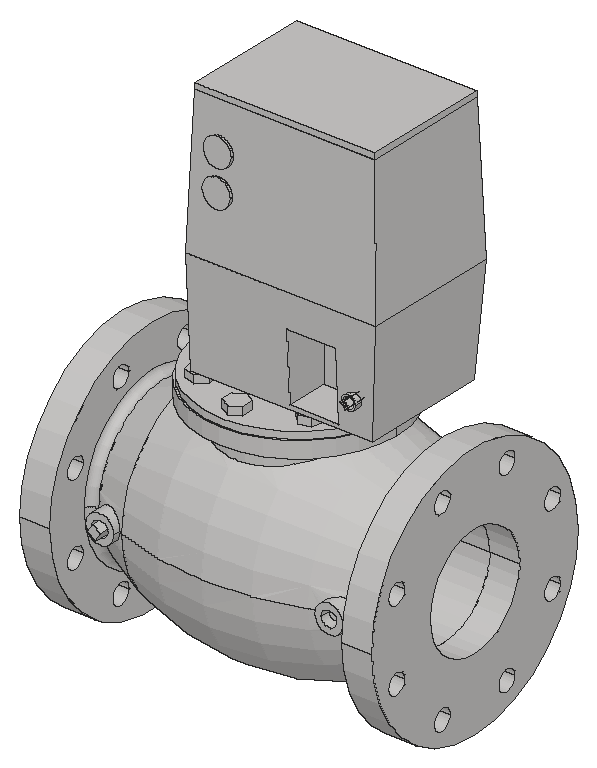
Revit family "GSV4-4in-Flanged-Gas-Solenoid-Valve", category Pipe Accessories, Revit 2024
Family settings
  Round Connector Dimension = Use Diameter
  Part Type = Valve - Breaks Into
  Work Plane-Based = No
  Always vertical = Yes
  Cut with Voids When Loaded = No
  Shared = No
Parameters
  Wattage = "50.0"
  Volt = "120VAC / 60Hz"
  VA = "115"
  URL = "https://americangassafety.com/wp-content/uploads/2022/11/AGSGSV4-Gas-Solenoid-Valve-Datasheet.pdf"
  Tel = "(727) 608-4375"
  Pipe Dia = 4"
  Nominal Opening Time = "16 Seconds at 50Hz"
  Model = "AGSGSV4"
  Max. Rated Pressure = "15PSI"
  Max Operating Pressure Differential = "3 PSI"
  Manufacturer = "American Gas Safety LLC"
  Locked Rotor = "58.8A FOR 120V & 29.4A FOR 240V"
  Inrush = "3.9"
  Head Office address = "6304 Benjamin Road, Suite 502, Tampa, FL 33634"
  Full Load = "9.8A FOR 120V & 4.9A FOR 240V"
  Email = "info@americangassafety.com"
  Description = "AGS gas solenoid valves control the flow of natural and LP (liquefied petroleum) gases and are most commonly used in with our range of\r\nutility controllers and gas detection systems. Designed for ON/OFF service."
  Default Elevation = 0"
  Cu m/hr = "288.8"
  Closing Time = "One Second Maximum"
  Cf/h = "10200"
  Amperage = "0.94"
  Ambient temperature rating = "-40°F to +150°F (-40°C to +66°C)"
Reference planes (in)
  plane 1 "Center (Front/Back)": y = 0
  plane 2: z = 0
  plane 3 "Center (Left/Right)": x = 0
  plane 4: y = -4.57813
  plane 5: y = 4.57812
  plane 6: x = -6.25
  plane 7: x = 6.25
  plane 8: through (0, 0, 0) normal (0, -0.766, 0.6428)
  plane 9: z = 4.57812
  plane 10: z = -4.57813
  plane 11: z = 14.15625
  plane 12: z = 5.78125
  plane 13: x = -2.05496
  plane 14: z = 11.21875
  plane 15: z = 12.5
  plane 16: y = 2.5
  plane 17: y = -2.5
Forms (in)
  Revolve 1, solid, material "Default(1)"
    sketch origin (0, 0, 0) x (1, 0, 0) y (0, 1, 0)
      loop
        arc (-5.18203, -3.0987) -> (-5.05314, -2.88) -> (-4.79937, -2.8868) r 0.25
        arc (-4.79937, -2.8868) -> (-4.13403, -3.26011) -> (-3.43595, -3.56789) r 7.9465
        arc (-3.43595, -3.56789) -> (0.75994, -4.17552) -> (4.80641, -2.91031) r 9.56715
        arc (4.80641, -2.91031) -> (5.05672, -2.90977) -> (5.18203, -3.12645) r 0.25
        line (5.18203, -3.12645) -> (5.18203, -2) -> (-5.18203, -2) -> (-5.18203, -3.0987)
      axis (-5.18203, 0) -> (5.18203, 0)
    angle from 0 to 360
  Extrusion 2, solid, material "Default(1)"
    sketch origin (0, 0, 0) x (1, 0, 0) y (0, 1, 0)
      loop
        circle (0, 0) r 2.75
    from 3.01341 to 4.00215
  Revolve 3, solid, material "Default(1)"
    sketch origin (0, 0, 0) x (1, 0, 0) y (0, 0, 1)
      loop
        line (-2.75, 4.00215) -> (0, 4.00215) -> (0, 4.82902) -> (-3.43548, 4.82902) -> (-3.43548, 4.57902) -> (-3.5, 4.57902) -> (-3.5, 4.00215) -> (-2.75, 4.00215)
      axis (0, 4.82902) -> (0, 4.00215)
    angle from 0 to 360
  Extrusion 4, solid, material "Default(1)"
    sketch origin (0, 0, 0) x (1, 0, 0) y (0, 1, 0)
      loop
        circle (0, 0) r 1.25
    from 4.82902 to 4.91002
  Extrusion 5, solid, material "Default(1)"
    sketch origin (0, 0, 0) x (1, 0, 0) y (0, 1, 0)
      loop
        line (0, 3.17663) -> (-0.36947, 2.96331) -> (-0.36947, 2.53669) -> (0, 2.32337) -> (0.36947, 2.53669) -> (0.36947, 2.96331) -> (0, 3.17663)
    from 4.82902 to 5.11049
  Extrusion 6, solid, material "Default(1)"
    sketch origin (0, 0, 0) x (0.707107, -0.707107, 0) y (0.707107, 0.707107, 0)
      loop
        line (0, 3.17663) -> (-0.36947, 2.96331) -> (-0.36947, 2.53669) -> (0, 2.32337) -> (0.36947, 2.53669) -> (0.36947, 2.96331) -> (0, 3.17663)
    from 4.82902 to 5.11049
  Extrusion 7, solid, material "Default(1)"
    sketch origin (0, 0, 0) x (0.707107, 0.707107, 0) y (-0.707107, 0.707107, 0)
      loop
        line (0, 3.17663) -> (-0.36947, 2.96331) -> (-0.36947, 2.53669) -> (0, 2.32337) -> (0.36947, 2.53669) -> (0.36947, 2.96331) -> (0, 3.17663)
    from 4.82902 to 5.11049
  Extrusion 8, solid, material "Default(1)"
    sketch origin (0, 0, 0) x (0, 1, 0) y (-1, 0, 0)
      loop
        line (0, 3.17663) -> (-0.36947, 2.96331) -> (-0.36947, 2.53669) -> (0, 2.32337) -> (0.36947, 2.53669) -> (0.36947, 2.96331) -> (0, 3.17663)
    from 4.82902 to 5.11049
  Extrusion 9, solid, material "Default(1)"
    sketch origin (0, 0, 0) x (-0.707107, 0.707107, 0) y (-0.707107, -0.707107, 0)
      loop
        line (0, 3.17663) -> (-0.36947, 2.96331) -> (-0.36947, 2.53669) -> (0, 2.32337) -> (0.36947, 2.53669) -> (0.36947, 2.96331) -> (0, 3.17663)
    from 4.82902 to 5.11049
  Extrusion 10, solid, material "Default(1)"
    sketch origin (0, 0, 0) x (-1, 0, 0) y (0, -1, 0)
      loop
        line (0, 3.17663) -> (-0.36947, 2.96331) -> (-0.36947, 2.53669) -> (0, 2.32337) -> (0.36947, 2.53669) -> (0.36947, 2.96331) -> (0, 3.17663)
    from 4.82902 to 5.11049
  Extrusion 11, solid, material "Default(1)"
    sketch origin (0, 0, 0) x (-0.707107, -0.707107, 0) y (0.707107, -0.707107, 0)
      loop
        line (0, 3.17663) -> (-0.36947, 2.96331) -> (-0.36947, 2.53669) -> (0, 2.32337) -> (0.36947, 2.53669) -> (0.36947, 2.96331) -> (0, 3.17663)
    from 4.82902 to 5.11049
  Extrusion 12, solid, material "Default(1)"
    sketch origin (0, 0, 0) x (0, -1, 0) y (1, 0, 0)
      loop
        line (0, 3.17663) -> (-0.36947, 2.96331) -> (-0.36947, 2.53669) -> (0, 2.32337) -> (0.36947, 2.53669) -> (0.36947, 2.96331) -> (0, 3.17663)
    from 4.82902 to 5.11049
  Revolve 13, solid, material "Default(1)"
    sketch origin (0, 0, -0.12799) x (1, 0, 0) y (0, 0, 1)
      loop
        line (0, 5.24115) -> (0.33435, 5.24115) -> (0.33435, 5.35458) -> (0.28941, 5.39951) -> (0.10044, 5.39951) -> (0.10044, 5.48035) -> (0.04655, 5.48035) -> (0.04655, 5.54496) -> (0, 5.54496) -> (0, 5.24115)
      axis (0, 5.24115) -> (0, 5.54496)
    angle from 0 to 360
  Extrusion 14, solid, material "Default(1)"
    sketch origin (0, 0, -0.12799) x (1, 0, 0) y (0, 1, 0)
      loop
        line (0.54208, 0.05664) -> (0.32009, 0.44113)
        arc (0.32009, 0.44113) -> (0.27863, 0.48259) -> (0.22199, 0.49777) r 0.11328
        line (0.22199, 0.49777) -> (-0.22143, 0.49777)
        arc (-0.22143, 0.49777) -> (-0.27855, 0.48247) -> (-0.32037, 0.44065) r 0.11424
        line (-0.32037, 0.44065) -> (-0.54208, 0.05664)
        arc (-0.54208, 0.05664) -> (-0.55725, 0) -> (-0.54208, -0.05664) r 0.11328
        line (-0.54208, -0.05664) -> (-0.32037, -0.44065)
        arc (-0.32037, -0.44065) -> (-0.27855, -0.48247) -> (-0.22143, -0.49777) r 0.11424
        line (-0.22143, -0.49777) -> (0.22199, -0.49777)
        arc (0.22199, -0.49777) -> (0.27863, -0.48259) -> (0.32009, -0.44113) r 0.11328
        line (0.32009, -0.44113) -> (0.54208, -0.05664)
        arc (0.54208, -0.05664) -> (0.55725, 0) -> (0.54208, 0.05664) r 0.11328
      loop
        circle (0, 0) r 0.37884
    from 5.03802 to 5.28633
  Extrusion 15, solid, material "Default(1)"
    sketch origin (0, 0, 0) x (1, 0, 0) y (0, 0, 1)
      loop
        circle (-4.07448, 0) r 0.5
      loop
        circle (-4.07448, 0) r 0.2946
    from 2.69807 to 3.73902
  Extrusion 16, solid, material "Default(1)"
    sketch origin (0, 0, 0) x (-1, 0, 0) y (0, 0, -1)
      loop
        line (4.13918, -0.24148) -> (4.31596, 0.0647) -> (4.00977, 0.24148) -> (3.833, -0.0647) -> (4.13918, -0.24148)
    from 2.69807 to 4.00056
  Extrusion 17, solid, material "Default(1)"
    sketch origin (8.14895, 0, 0) x (1, 0, 0) y (0, 0, 1)
      loop
        circle (-4.07448, 0) r 0.5
      loop
        circle (-4.07448, 0) r 0.28428
    from 2.84146 to 3.73902
  Extrusion 18, solid, material "Default(1)"
    sketch origin (0, 0, 0) x (1, 0, 0) y (0, 0, 1)
      loop
        circle (3.80409, 6.26377) r 0.25
      loop
        circle (3.80409, 6.26377) r 0.20352
    from 2.05496 to 2.53669
  Extrusion 19, solid, material "Default(1)"
    sketch origin (0, 0, 0) x (1, 0, 0) y (0, 0, 1)
      loop
        line (3.82445, 6.13212) -> (3.94246, 6.25013) -> (3.76568, 6.4269) -> (3.64768, 6.3089) -> (3.67198, 6.2846) -> (3.76944, 6.38206) -> (3.89415, 6.25734) -> (3.79669, 6.15988) -> (3.82445, 6.13212)
    from 2.05496 to 2.71504
  Extrusion 20, solid, material "Default(1)"
    sketch origin (0, 0, 0) x (-1, 0, 0) y (0, 0, 1)
      loop
        line (4.13918, 0.24148) -> (3.833, 0.0647) -> (4.00977, -0.24148) -> (4.31596, -0.0647) -> (4.13918, 0.24148)
    from 2.69807 to 4.00056
  Extrusion 21, solid, material "Default(1)"
    sketch origin (8.14895, 0, 0) x (1, 0, 0) y (0, 0, -1)
      loop
        circle (-4.07448, 0) r 0.5
      loop
        circle (-4.07448, 0) r 0.28428
    from 2.84146 to 3.73902
  Blend 22, solid, material "Default(1)"
    base sketch origin (0, 0, 0) x (1, 0, 0) y (0, 1, 0)
      loop
        line (-2.05496, 2.24621) -> (-2.05496, -2.24621) -> (4.44504, -2.24621) -> (4.44504, 2.24621) -> (-2.05496, 2.24621)
    top sketch origin (0, 0, 0) x (1, 0, 0) y (0, 1, 0)
      loop
        line (-2.05496, -2.4463) -> (4.69504, -2.4463) -> (4.69504, 2.4463) -> (-2.05496, 2.4463) -> (-2.05496, -2.4463)
    from 5.11049 to 8.95962
  Sweep 23, solid, material "Default(1)"
    path origin (0, 0, 0) x (1, 0, 0) y (0, 1, 0)
      loop
        line (4.69504, -2.4463) -> (4.69504, 2.4463) -> (-2.05496, 2.4463) -> (-2.05496, -2.4463) -> (4.69504, -2.4463)
    profile origin (4.69504, 0, 0) x (-1, 0, 0) y (0, 0, 1)
      loop
        line (0, 8.95962) -> (0.25, 8.95962) -> (0.43147, 14.15625) -> (0.18147, 14.15625) -> (0, 8.95962)
  Extrusion 24, solid, material "Default(1)"
    sketch origin (0, 0, 0) x (0, 1, 0) y (0, 0, 1)
      loop
        circle (0, 0) r 4.57813
      loop
        circle (0, 0) r 2
      loop
        circle (1.43506, -3.46455) r 0.375
      loop
        circle (3.46455, -1.43506) r 0.375
      loop
        circle (1.43506, 3.46455) r 0.375
      loop
        circle (3.46455, 1.43506) r 0.375
      loop
        circle (-1.43506, -3.46455) r 0.375
      loop
        circle (-3.46455, -1.43506) r 0.375
      loop
        circle (-1.43506, 3.46455) r 0.375
      loop
        circle (-3.46455, 1.43506) r 0.375
    from -6.25 to -5.18203
  Extrusion 25, solid, material "Default(1)"
    sketch origin (0, 0, 0) x (0, 1, 0) y (0, 0, -1)
      loop
        circle (0, 0) r 4.57813
      loop
        circle (0, 0) r 2
      loop
        circle (1.43506, 3.46455) r 0.375
      loop
        circle (3.46455, 1.43506) r 0.375
      loop
        circle (1.43506, -3.46455) r 0.375
      loop
        circle (3.46455, -1.43506) r 0.375
      loop
        circle (-1.43506, 3.46455) r 0.375
      loop
        circle (-3.46455, 1.43506) r 0.375
      loop
        circle (-1.43506, -3.46455) r 0.375
      loop
        circle (-3.46455, -1.43506) r 0.375
    from -6.25 to -5.18203
  Extrusion 26, void
    sketch origin (0, 0, 0) x (1, 0, 0) y (0, 0, 1)
      loop
        line (1.46585, 5.2506) -> (3.21585, 5.2506) -> (3.21585, 7.7506) -> (1.46585, 7.7506) -> (1.46585, 5.2506)
    from 0.73762 to 2.96331
  Extrusion 27, solid, material "Default(1)"
    sketch origin (-4.75, -0.30034, -0.07463) x (1, 0, 0) y (0, 0.034899, 0.999391)
      loop
        circle (3.76871, 11.21875) r 0.5
      loop
        circle (3.76871, 12.5) r 0.5
    from 2.25703 to 2.53279
  Extrusion 28, solid, material "Default(1)"
    sketch origin (0, 0, 0) x (1, 0, 0) y (0, 0, -1)
      loop
        circle (-4.07448, 0) r 0.5
      loop
        circle (-4.07448, 0) r 0.2946
    from 2.69807 to 3.73902
  Extrusion 29, solid, material "Default(1)"
    sketch origin (0, 0, 14.15625) x (1, 0, 0) y (0, 1, 0)
      loop
        line (-1.87349, -2.26483) -> (4.51357, -2.26483) -> (4.51357, 2.26483) -> (-1.87349, 2.26483) -> (-1.87349, -2.26483)
    from 0 to 0.19922
Cuts and joins
  joined: Revolve 1, Extrusion 2, Revolve 3, Extrusion 15, Extrusion 16, Extrusion 17, Extrusion 20, Extrusion 21, Extrusion 24, Extrusion 25, Extrusion 28
  Extrusion 26 cuts Blend 22
  joined: Sweep 23, Extrusion 27
Lines and regions (in)
  symbolic lines
    curve 1: circle (0, 0, 0) r 3.75 normal (1, 0, 0)
Dimensions and locks (in)
  locked: plane 9 to plane 10 at 9.15625
  plane 7 to plane 6 = 12 1/2"
  plane 11 to plane 2 = 14 5/32"
  plane 12 to plane 2 = 5 25/32"
  locked: plane 16 to plane 17 at 5
  "Pipe Dia": diameter of Extrusion 24 sketch curve
  aligned and locked: plane 2 to level
Automatic sketch dimensions
  Extrusion 5 sketch curve to Extrusion 5 sketch curve = 0.42663"  (x8)
  curve 1 to level = 0"
  curve 1 to plane 1 "Center (Front/Back)" = 0"
  plane 1 "Center (Front/Back)" to Revolve 1 sketch curve = 0"
  plane 6 to Revolve 1 sketch curve = 1.06797"
  Revolve 1 sketch curve to Revolve 1 sketch curve = 1/4"
  Revolve 1 sketch curve to plane 3 "Center (Left/Right)" = 0.58281"
  Revolve 1 sketch curve to plane 3 "Center (Left/Right)" = 0.00093"
  Revolve 1 sketch curve to plane 7 = 1.31797"
  Revolve 1 sketch curve to plane 17 = 1/2"
  Revolve 1 sketch curve to plane 7 = 1.06797"
  plane 17 to Revolve 1 sketch curve = 0.5987"
  plane 17 to Revolve 1 sketch curve = 0.62645"
  plane 5 to Revolve 1 sketch curve = 0.72938"
  Revolve 1 sketch curve to plane 5 = 0.7832"
  Revolve 1 sketch curve to Revolve 1 sketch curve = 0"  (x2)
  Revolve 1 sketch curve to plane 13 = 0.80496"
  Revolve 1 sketch curve to plane 3 "Center (Left/Right)" = 1/2"
  plane 1 "Center (Front/Back)" to Extrusion 2 sketch curve = 0"
  Extrusion 2 sketch curve to plane 3 "Center (Left/Right)" = 0"
  Revolve 3 sketch curve to plane 3 "Center (Left/Right)" = 0"  (x2)
  plane 13 to Revolve 3 sketch curve = 0.69504"
  plane 9 to Revolve 3 sketch curve = 0.2509"
  Revolve 3 sketch curve to Revolve 3 sketch curve = 0.68548"
  plane 9 to Revolve 3 sketch curve = 0.0009"
  Revolve 3 sketch curve to Revolve 3 sketch curve = 0.06452"
  Revolve 3 sketch curve to plane 9 = 0.57598"
  Revolve 3 sketch curve to plane 12 = 0.45223"
  plane 12 to Revolve 3 sketch curve = 0.54777"
  plane 1 "Center (Front/Back)" to Extrusion 4 sketch curve = 0"
  Extrusion 4 sketch curve to plane 3 "Center (Left/Right)" = 0"
  Revolve 13 sketch curve to plane 3 "Center (Left/Right)" = 0"  (x2)
  plane 3 "Center (Left/Right)" to Revolve 13 sketch curve = 0.04655"
  Revolve 13 sketch curve to Revolve 13 sketch curve = 0.0539"
  Revolve 13 sketch curve to Revolve 13 sketch curve = 0.18897"
  Revolve 13 sketch curve to Revolve 13 sketch curve = 0.04493"  (x2)
  plane 9 to Revolve 13 sketch curve = 0.53503"
  Revolve 13 sketch curve to Revolve 13 sketch curve = 0.11343"
  Revolve 13 sketch curve to Revolve 13 sketch curve = 0.08084"
  Revolve 13 sketch curve to Revolve 13 sketch curve = 0.0646"
  Revolve 13 sketch curve to Revolve 13 sketch curve = 0.14397"
  Revolve 13 sketch curve to plane 12 = 0.07453"
  plane 1 "Center (Front/Back)" to Extrusion 14 sketch curve = 0"  (x3)
  Extrusion 14 sketch curve to plane 3 "Center (Left/Right)" = 0"
  Extrusion 14 sketch curve to plane 3 "Center (Left/Right)" = 0.22143"  (x2)
  Extrusion 14 sketch curve to Extrusion 14 sketch curve = 0.09893"  (x2)
  Extrusion 14 sketch curve to Extrusion 14 sketch curve = 0.22254"
  Extrusion 14 sketch curve to plane 1 "Center (Front/Back)" = 0.05664"  (x2)
  Extrusion 14 sketch curve to Extrusion 14 sketch curve = 0.0981"  (x4)
  plane 1 "Center (Front/Back)" to Extrusion 14 sketch curve = 0.05664"  (x2)
  plane 3 "Center (Left/Right)" to Extrusion 14 sketch curve = 0.22199"  (x2)
  Extrusion 14 sketch curve to Extrusion 14 sketch curve = 0.22199"
  plane 1 "Center (Front/Back)" to Extrusion 14 sketch curve = 0.38353"
  plane 1 "Center (Front/Back)" to Extrusion 14 sketch curve = 0.38449"
  Extrusion 14 sketch curve to Extrusion 14 sketch curve = 0.05712"  (x2)
  Extrusion 14 sketch curve to plane 1 "Center (Front/Back)" = 0.38353"
  Extrusion 14 sketch curve to plane 1 "Center (Front/Back)" = 0.38449"
  Extrusion 15 sketch curve to Extrusion 15 sketch curve = 0"  (x2)
  Extrusion 15 sketch curve to level = 0"
  plane 13 to Extrusion 15 sketch curve = 2 5/256"
  Extrusion 16 sketch curve to level = 0.0647"
  Extrusion 16 sketch curve to plane 13 = 1.77803"
  level to Extrusion 16 sketch curve = 0.24148"
  Extrusion 16 sketch curve to Extrusion 16 sketch curve = 0.17678"
  Extrusion 16 sketch curve to level = 0.24148"
  Extrusion 17 sketch curve to Extrusion 17 sketch curve = 0"  (x2)
  Extrusion 17 sketch curve to level = 0"
  Extrusion 17 sketch curve to plane 7 = 2.17552"
  Extrusion 18 sketch curve to Extrusion 18 sketch curve = 0"  (x2)
  plane 12 to Extrusion 18 sketch curve = 0.48252"
  Extrusion 18 sketch curve to plane 7 = 2.44591"
  plane 12 to Extrusion 19 sketch curve = 0.52765"
  Extrusion 19 sketch curve to plane 7 = 2.60232"
  plane 12 to Extrusion 19 sketch curve = 0.50335"
  Extrusion 19 sketch curve to Extrusion 19 sketch curve = 0.0243"
  plane 12 to Extrusion 19 sketch curve = 0.64565"
  plane 12 to Extrusion 19 sketch curve = 0.60081"
  plane 12 to Extrusion 19 sketch curve = 0.37863"
  Extrusion 19 sketch curve to Extrusion 19 sketch curve = 0.12471"
  plane 12 to Extrusion 19 sketch curve = 0.35087"
  level to Extrusion 20 sketch curve = 0.0647"
  plane 13 to Extrusion 20 sketch curve = 1.77803"
  Extrusion 20 sketch curve to level = 0.24148"
  Extrusion 20 sketch curve to Extrusion 20 sketch curve = 0.17678"
  level to Extrusion 20 sketch curve = 0.24148"
  Extrusion 21 sketch curve to Extrusion 21 sketch curve = 0"  (x2)
  Extrusion 21 sketch curve to level = 0"
  Extrusion 21 sketch curve to plane 7 = 2.17552"
  Blend 22 sketch curve to plane 13 = 0"  (x2)
  Blend 22 sketch curve to plane 17 = 0.25379"
  Blend 22 sketch curve to plane 7 = 1.80496"
  plane 16 to Blend 22 sketch curve = 0.25379"
  plane 16 to Blend 22 sketch curve = 0.0537"
  Blend 22 sketch curve to plane 7 = 1.55496"
  Blend 22 sketch curve to plane 17 = 0.0537"
  Sweep 23 sketch curve to plane 13 = 0"
  plane 16 to Sweep 23 sketch curve = 0.0537"
  Sweep 23 sketch curve to plane 7 = 1.55496"
  Sweep 23 sketch curve to plane 17 = 0.0537"
  Sweep 23 sketch curve to profile plane = 0"
  Sweep 23 sketch curve to profile plane = 0.18147"
  Sweep 23 sketch curve to profile plane = 1/4"
  Sweep 23 sketch curve to Sweep 23 sketch curve = 1/4"
  level to Sweep 23 sketch curve = 8.95962"
  Sweep 23 sketch curve to Sweep 23 sketch curve = 5.19663"
  Extrusion 24 sketch curve to Extrusion 24 sketch curve = 0"  (x6)
  Extrusion 24 sketch curve to level = 0"
  Extrusion 24 sketch curve to plane 1 "Center (Front/Back)" = 0"
  plane 17 to Extrusion 24 sketch curve = 0.96455"  (x2)
  Extrusion 24 sketch curve to plane 17 = 1.06494"  (x2)
  plane 16 to Extrusion 24 sketch curve = 1.06494"  (x2)
  Extrusion 24 sketch curve to plane 16 = 0.96455"  (x2)
  Extrusion 24 sketch curve to level = 1.43506"  (x2)
  plane 10 to Extrusion 24 sketch curve = 1.11358"  (x2)
  level to Extrusion 24 sketch curve = 1.43506"  (x2)
  Extrusion 24 sketch curve to plane 9 = 1.11358"  (x2)
  Extrusion 25 sketch curve to Extrusion 25 sketch curve = 0"  (x6)
  Extrusion 25 sketch curve to level = 0"
  Extrusion 25 sketch curve to plane 1 "Center (Front/Back)" = 0"
  Extrusion 25 sketch curve to plane 17 = 1.06494"  (x2)
  plane 17 to Extrusion 25 sketch curve = 0.96455"  (x2)
  plane 16 to Extrusion 25 sketch curve = 1.06494"  (x2)
  Extrusion 25 sketch curve to plane 16 = 0.96455"  (x2)
  level to Extrusion 25 sketch curve = 1.43506"  (x2)
  Extrusion 25 sketch curve to plane 9 = 1.11358"  (x2)
  Extrusion 25 sketch curve to level = 1.43506"  (x2)
  plane 10 to Extrusion 25 sketch curve = 1.11358"  (x2)
  Extrusion 25 sketch curve to plane 17 = 1/2"
  plane 3 "Center (Left/Right)" to Extrusion 26 sketch curve = 1.46585"
  Extrusion 26 sketch curve to Extrusion 26 sketch curve = 1 3/4"
  Extrusion 26 sketch curve to plane 12 = 0.53065"
  plane 12 to Extrusion 26 sketch curve = 1.96935"
  Extrusion 27 sketch curve to plane 3 "Center (Left/Right)" = 0.98129"  (x2)
  Extrusion 27 sketch curve to Extrusion 27 sketch curve = 1 9/32"
  Extrusion 28 sketch curve to Extrusion 28 sketch curve = 0"  (x2)
  Extrusion 28 sketch curve to level = 0"
  plane 13 to Extrusion 28 sketch curve = 2 5/256"
  Extrusion 29 sketch curve to plane 13 = 0.18147"
  Extrusion 29 sketch curve to plane 17 = 0.23517"
  Extrusion 29 sketch curve to plane 7 = 1.73643"
  plane 16 to Extrusion 29 sketch curve = 0.23517"
  radius of curve 1 = 3 3/4"
  radius of Extrusion 2 sketch curve = 2 3/4"
  radius of Extrusion 4 sketch curve = 1 1/4"
  radius of Extrusion 14 sketch curve = 0.37884"
  radius of Extrusion 15 sketch curve = 1/2"
  radius of Extrusion 15 sketch curve = 0.2946"
  radius of Extrusion 17 sketch curve = 1/2"
  radius of Extrusion 17 sketch curve = 0.28428"
  radius of Extrusion 18 sketch curve = 1/4"
  radius of Extrusion 18 sketch curve = 0.20352"
  radius of Extrusion 21 sketch curve = 1/2"
  radius of Extrusion 21 sketch curve = 0.28428"
  radius of Extrusion 24 sketch curve = 4 37/64"
  radius of Extrusion 24 sketch curve = 3/8"  (x8)
  radius of Extrusion 25 sketch curve = 4 37/64"
  radius of Extrusion 25 sketch curve = 3/8"  (x8)
  radius of Extrusion 27 sketch curve = 1/2"  (x2)
  radius of Extrusion 28 sketch curve = 1/2"
  radius of Extrusion 28 sketch curve = 0.2946"
Connectors (in)
  piping at (-6.25, 0, 0), diameter 4, driven by "Pipe Dia"
    settings: on cut or joined group 1 (Revolve 1, Extrusion 2, Revolve 3, Extrusion 15, Extrusion 16, Extrusion 17, Extrusion 20, Extrusion 21, Extrusion 24, Extrusion 25, Extrusion 28), index 1, connector inside diameter 24", connector length 0", flow factor 0, pipe flow 0 GPM, pressure drop 0.00 psi, fitting loss kfactor 0, connector angle 0.00°, fixture units 0, engagement length 0", angle of deflection 0.00°, flow configuration 0, flow direction 0, fitting loss method 0, system type 7, joint type 0, gender type 0, connector reference index -1, connector utility 0, adjustable connector no, is connector primary yes, connector description ""
  piping at (6.25, 0, 0), diameter 4, driven by "Pipe Dia"
    settings: on cut or joined group 1, index 2, connector inside diameter 24", connector length 0", flow factor 0, pipe flow 0 GPM, pressure drop 0.00 psi, fitting loss kfactor 0, connector angle 0.00°, fixture units 0, engagement length 0", angle of deflection 0.00°, flow configuration 0, flow direction 0, fitting loss method 0, system type 7, joint type 0, gender type 0, connector reference index -1, connector utility 0, adjustable connector no, is connector primary no, connector description ""
